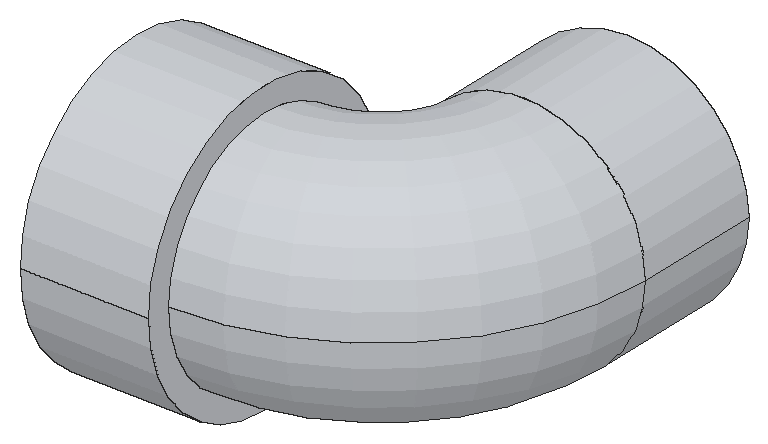
Revit family "Transição do cotovelo - CPVC - HW", category Conexões de tubo, Revit 2019
Family settings
  Cota do conector redondo = Usar raio
  Tipo de parte = Cotovelo
  ID de item do Seek = Elbow - Generic-0000-CAN-ENU
  Com base no plano de trabalho = Não
  Sempre na vertical = Sim
  Corte com vazios quando carregada = Não
  Compartilhado = Não
Parameters (values of type "Padrão")
  Tamanho da marca de revisão [instance] = Diâmetro externo da conexão * 0.4  # 8.00 mm
  Raio externo do soquete [instance] = Diâmetro externo do soquete / 2  # 12.00 mm
  Diâmetro externo do soquete [instance] = size_lookup(Nome da tabela de pesquisa, "SOD", 1.3009 * Diâmetro nominal + 4.00 mm, Diâmetro nominal)  # 24.00 mm
  Raio nominal [instance] = 7.50 mm
  Diâmetro nominal [instance] = Raio nominal * 2  # 15.00 mm
  Método de perda = Coeficiente K da tabela
  Nome da tabela de pesquisa = "BR_Elbow Transition - CPVC - HW"
  Tabela de coeficiente K = "Cotovelo rosqueado comum de 45, 90 e 180"
  Raio externo da conexão [instance] = Diâmetro externo da conexão / 2  # 10.00 mm
  Diâmetro externo da conexão [instance] = size_lookup(Nome da tabela de pesquisa, "FOD", 1.1873 * Diâmetro nominal + 1.80 mm, Diâmetro nominal)  # 20.00 mm
  Description = ""
  Centro para o soquete [instance] = Raio do centro * tan(Ângulo / 2)  # 11.90 mm
  Raio do centro [instance] = size_lookup(Nome da tabela de pesquisa, "CRad", 0.8835 * Diâmetro nominal - 1.40 mm, Diâmetro nominal)  # 11.90 mm
  Comprimento [instance] = size_lookup(Nome da tabela de pesquisa, "Lgt", 0.8295 * Diâmetro nominal - 1.90 mm, Diâmetro nominal)  # 10.60 mm
  Ângulo [instance] = 90.00°
Reference planes
  plane 1 "Centro (Frente/Trás)": y = 0
  plane 2: z = 0
  plane 3 "Centro (Esquerda/Direita)": x = 0
  plane 4: x = -11.9
  plane 5: y = 11.9
  plane 6: y = 8
  plane 7: y = -8
Forms (mm)
  Sweep 1, solid, detail levels fine
    path in 3D
      loop
        arc (-11.9, 0, 0) -> (-3.485, 3.485, 0) -> (0, 11.9, 0) r 11.9
    profile origin (-3.485, 3.485, 0) x (-0.707107, 0.707107, 0) y (0, 0, 1)
      loop
        circle (0, 0) r 10
  Sweep 2, solid, detail levels fine
    path in 3D
      loop
        line (0, 11.9, 0) -> (0, 22.5, 0)
    profile origin (0, 17.2, 0) x (-1, 0, 0) y (0, 0, 1)
      loop
        circle (0, 0) r 10
  Sweep 3, solid, detail levels fine
    path in 3D
      loop
        line (-11.9, 0, 0) -> (-22.5, 0, 0)
    profile origin (-17.2, 0, 0) x (0, -1, 0) y (0, 0, 1)
      loop
        circle (0, 0) r 12
Cuts and joins
  joined: Sweep 1, Sweep 2, Sweep 3
Lines and regions (mm)
  reference lines
    curve 1: line (-11.9, 11.9, 0) -> (32.55, 11.9, 0)
    curve 2: arc (-11.9, 0, 0) -> (-3.485, 3.485, 0) -> (0, 11.9, 0) r 11.9
    curve 3: line (0, 0, 0) -> (0, 19.05, 0)
    curve 4: line (-8, 11.9, 0) -> (-8, -28.322, 0)
    curve 5: line (8, 0, 0) -> (8, 11.9, 0)
    curve 8: line (-11.9, 0, 0) -> (-22.5, 0, 0)
    curve 9: line (0, 11.9, 0) -> (0, 22.5, 0)
    curve 12: line (0, 22.5, 0) -> (0, 18.576, 0)
    curve 13: line (-22.5, 0, 0) -> (-18.576, 0, 0)
  model lines, detail levels coarse+medium
    curve 6: arc (-11.9, 0, 0) -> (-3.485, 3.485, 0) -> (0, 11.9, 0) r 11.9
    curve 14: line (-22.5, -8, 0) -> (-22.5, 8, 0)
    curve 15: line (-11.9, 0, 0) -> (-22.5, 0, 0)
    curve 16: line (-8, 22.5, 0) -> (8, 22.5, 0)
    curve 17: line (0, 11.9, 0) -> (0, 22.5, 0)
  sketch lines
    curve 7: arc (-11.9, 0, 0) -> (-3.485, 3.485, 0) -> (0, 11.9, 0) r 11.9
    curve 10: line (0, 11.9, 0) -> (0, 22.5, 0)
    curve 11: line (-11.9, 0, 0) -> (-22.5, 0, 0)
Dimensions and locks
  "Centro para o soquete": plane 4 to plane 3 "Centro (Esquerda/Direita)"
  "Raio do centro": plane 5 to plane 1 "Centro (Frente/Trás)"
  "Tamanho da marca de revisão": plane 6 to plane 1 "Centro (Frente/Trás)"
  "Tamanho da marca de revisão": plane 7 to plane 1 "Centro (Frente/Trás)"
  "Tamanho da marca de revisão": curve 3 to curve 4
  "Tamanho da marca de revisão": curve 5 to curve 3
  "Comprimento": curve 9 to curve 9
  "Comprimento": curve 8 to curve 8
  curve 12 to curve 12 = 3.924 mm
  curve 13 to curve 13 = 3.924 mm
  "Raio do centro": radius of curve 2
  "Raio externo da conexão": radius of Sweep 1 sketch curve
  "Raio externo da conexão": radius of Sweep 2 sketch curve
  "Raio externo do soquete": radius of Sweep 3 sketch curve
  "Ângulo": angle plane 4 to curve 1
  "Ângulo": angle curve 2 to curve 2
  "Ângulo": angle plane 1 "Centro (Frente/Trás)" to curve 3
  "Ângulo": angle curve 6 to curve 6
  angle curve 9 to curve 1 = 90.00°
  angle curve 12 to curve 1 = 90.00°
  angle curve 16 to curve 5 = 90.00°
  angle curve 17 to curve 1 = 90.00°
  aligned and locked: plane 4 to curve 1
  aligned and locked: plane 5 to curve 1
  aligned and locked: plane 5 to curve 2
  aligned and locked: plane 4 to curve 2  (x2)
  aligned and locked: plane 1 "Centro (Frente/Trás)" to curve 3
  aligned and locked: plane 3 "Centro (Esquerda/Direita)" to curve 3
  aligned and locked: curve 6 to curve 2
  aligned and locked: plane 6 to curve 14
  aligned and locked: plane 7 to curve 14
  aligned and locked: curve 14 to curve 13
  aligned and locked: curve 5 to curve 16
  aligned and locked: curve 16 to curve 4
  aligned and locked: curve 16 to curve 12
Automatic sketch dimensions
  Sweep 1 sketch curve to profile plane = 0.00 mm
  profile plane to Sweep 1 sketch curve = 0.00 mm
  curve 1 to curve 5 = 0.00 mm
  curve 1 to curve 4 = 0.00 mm
  curve 3 to curve 5 = 0.00 mm
  curve 4 to curve 1 = 40.222 mm
  Sweep 2 sketch curve to profile plane = 0.00 mm  (x2)
  Sweep 3 sketch curve to profile plane = 0.00 mm  (x2)
Connectors
  piping at (-22.5, 0, 0), diameter 15, driven by "Raio nominal", driven by "Ângulo"
    settings: on cut or joined group of Sweep 1, Sweep 2, Sweep 3, index 1, connector inside diameter 15.00 mm, connector length 0.00 mm, flow factor 0, pipe flow 0.0 L/s, pressure drop 0.0 Pa, fitting loss kfactor 0, connector angle 90.00°, fixture units 0, engagement length 0.00 mm, angle of deflection 0.00°, flow configuration 0, flow direction 0, fitting loss method 0, system type 28, joint type 0, gender type 0, connector reference index 2, connector utility 0, adjustable connector no, is connector primary yes, connector description ""
  piping at (0, 22.5, 0), diameter 15, driven by "Raio nominal", driven by "Ângulo"
    settings: on cut or joined group of Sweep 1, Sweep 2, Sweep 3, index 2, connector inside diameter 15.00 mm, connector length 0.00 mm, flow factor 0, pipe flow 0.0 L/s, pressure drop 0.0 Pa, fitting loss kfactor 0, connector angle 90.00°, fixture units 0, engagement length 0.00 mm, angle of deflection 0.00°, flow configuration 0, flow direction 0, fitting loss method 0, system type 28, joint type 0, gender type 0, connector reference index 1, connector utility 0, adjustable connector no, is connector primary no, connector description ""
